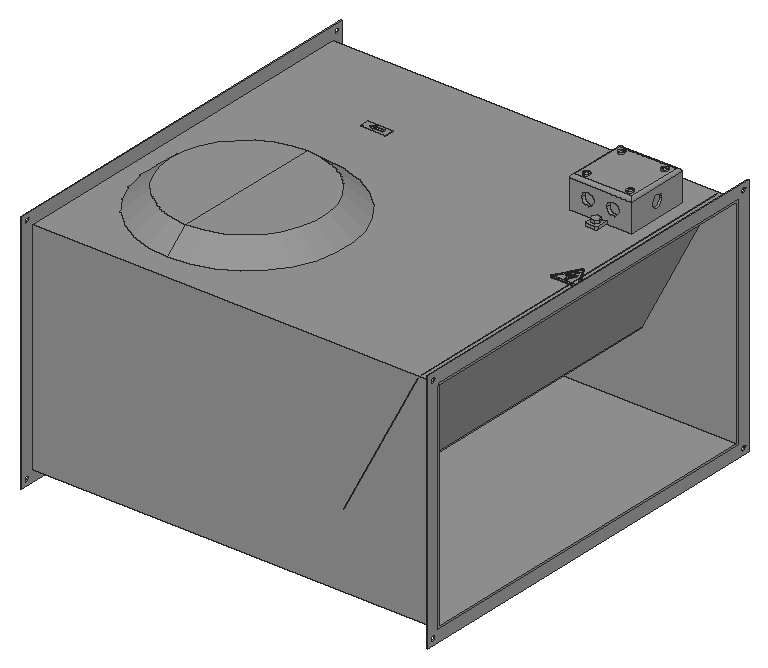
Revit family "ВКП_Eng", category Mechanical Equipment, Revit 2021
Family settings
  Round Connector Dimension = Use Diameter
  Classification = None
  Part Type = Normal
  Work Plane-Based = No
  Always vertical = Yes
  Cut with Voids When Loaded = No
  Shared = No
  Room Calculation Point = No
Parameters (values of type "VKPS 4E 600x350")
  Сonnector = not(Electrical box)  # no
  Width = B  # 600 mm
  Weight = 30.00 kg
  Voltage = 230 V
  Pressure_Static_Air [instance] = 0.0 Pa
  Power = 447 W
  Number of Fase = 1
  Maximum Air Flow = 1130.0 L/s
  Load Classification = "HVAC"
  Length = L  # 652 mm
  L = 652 mm
  Height = if(Electrical box, H + 50 mm, H + 30 mm)  # 400 mm
  H = 350 mm
  Description = "For rectangular ducts"  # constant formula
  Default Elevation = 652 mm
  Frame = Frame : VKPS 4E 600x350
  Electrical box = yes
  Manufacturer = "Vents"  # constant formula
  r3 = H / 15  # 23.333 mm
  r2 = r1 * 0.8  # 140 mm
  r1 = H / 2  # 175 mm
  l3 = L / 2 - 100 mm  # 226 mm
  l1 = L / 2 - 40 mm  # 286 mm
  l = L / 2 - L / 3.5  # 139.714 mm
  h3 = H / 2  # 175 mm
  h2 = H - 2 mm  # 348 mm
  h1 = H / 2.1  # 166.667 mm
  h = H / 3  # 116.667 mm
  b3 = B / 2 - 100 mm  # 200 mm
  b2 = B - 4 mm  # 596 mm
  b1 = B / 2 - 40 mm  # 260 mm
  b = B / 2 - B / 3  # 100 mm
  Maintenance zone material = none
  URL = "https://ventilation-system.com/series/vkp-rectangular"
  Le = if(Electrical box, 50 mm, 25 mm)  # 50 mm
  He = if(Electrical box, H + 25 mm, H)  # 375 mm
  Casing Material = Steel, galvanized
  Be = if(Electrical box, B / 2 + b3, B / 2 - b1)  # 500 mm
  B = 600 mm
  Amperage = 1.97 A
  Alfa = if(Electrical box, 0.00°, 90.00°)  # 0.00°
  Air Flow [instance] = 0.0 L/s
  09_System_Name [instance] = ""
  00_20_Type = "VKPS 4E 600x350"
  00_20_Name = "Inline centrifugal fan"  # constant formula
  00_20_Manufacturer = "Vents"  # constant formula
Types (12, lengths in mm): name | Сonnector | Width | Weight | Voltage | Power | Number of Fase | Maximum Air Flow | Length | L | Height | H | Default Elevation | Frame | Electrical box | r3 | r2 | r1 | l3 | l1 | l | h3 | h2 | h1 | h | b3 | b2 | b1 | b | Le | He | Be | B | Amperage | Alfa | 00_20_Type
  (no name) | no | 600 | 30.00 kg | 230 V | 447 W | 1 | 1130.0 L/s | 652 | 652 | 400 | 350 | 652 | Frame : VKPS 4E 600x350 | yes | 23.333 | 140 | 175 | 226 | 286 | 139.714 | 175 | 348 | 166.667 | 116.667 | 200 | 596 | 260 | 100 | 50 | 375 | 500 | 600 | 1.97 A | 0.00° | "VKPS 4E 600x350"
  VKP 2E 400x200 | yes | 400 | 11.25 kg | 230 V | 138 W | 1 | 258.0 L/s | 500 | 500 | 230 | 200 | 0 | Frame : 400x200 | no | 13.333 | 80 | 100 | 150 | 210 | 107.143 | 100 | 198 | 95.238 | 66.667 | 100 | 396 | 160 | 66.667 | 25 | 200 | 40 | 400 | 0.6 A | 90.00° | "VKP 2E 400x200"
  VKP 4D 800x500 | no | 800 | 54.00 kg | 400 V | 1508 W | 3 | 2170.0 L/s | 903 | 903 | 550 | 500 | 0 | Frame : 800x500 | yes | 33.333 | 200 | 250 | 351.5 | 411.5 | 193.5 | 250 | 498 | 238.095 | 166.667 | 300 | 796 | 360 | 133.333 | 50 | 525 | 700 | 800 | 2.71 A | 0.00° | "VKP 4D 800x500"
  VKP 2E 500x250 | yes | 500 | 17.88 kg | 230 V | 305 W | 1 | 478.0 L/s | 640 | 640 | 280 | 250 | 0 | Frame : 500x250 | no | 16.667 | 100 | 125 | 220 | 280 | 137.143 | 125 | 248 | 119.048 | 83.333 | 150 | 496 | 210 | 83.333 | 25 | 250 | 40 | 500 | 1.32 A | 90.00° | "VKP 2E 500x250"
  VKP 4E 500x300 | yes | 500 | 19.80 kg | 230 V | 140 W | 1 | 470.0 L/s | 680 | 680 | 330 | 300 | 0 | Frame : 500x300 | no | 20 | 120 | 150 | 240 | 300 | 145.714 | 150 | 298 | 142.857 | 100 | 150 | 496 | 210 | 83.333 | 25 | 300 | 40 | 500 | 0.57 A | 90.00° | "VKP 4E 500x300"
  VKP 4D 500x300 | yes | 500 | 19.80 kg | 400 V | 136 W | 3 | 383.0 L/s | 680 | 680 | 330 | 300 | 0 | Frame : 500x300 | no | 20 | 120 | 150 | 240 | 300 | 145.714 | 150 | 298 | 142.857 | 100 | 150 | 496 | 210 | 83.333 | 25 | 300 | 40 | 500 | 0.34 A | 90.00° | "VKP 4D 500x300"
  VKP 4E 600x300 | no | 600 | 27.77 kg | 230 V | 220 W | 1 | 690.0 L/s | 680 | 680 | 350 | 300 | 0 | Frame : 600x300 | yes | 20 | 120 | 150 | 240 | 300 | 145.714 | 150 | 298 | 142.857 | 100 | 200 | 596 | 260 | 100 | 50 | 325 | 500 | 600 | 0.9 A | 0.00° | "VKP 4E 600x300"
  VKP 4D 600x300 | no | 600 | 27.77 kg | 400 V | 230 W | 3 | 700.0 L/s | 680 | 680 | 350 | 300 | 0 | Frame : 600x300 | yes | 20 | 120 | 150 | 240 | 300 | 145.714 | 150 | 298 | 142.857 | 100 | 200 | 596 | 260 | 100 | 50 | 325 | 500 | 600 | 0.52 A | 0.00° | "VKP 4D 600x300"
  VKP 4E 600x350 | no | 600 | 36.38 kg | 230 V | 470 W | 1 | 820.0 L/s | 735 | 735 | 400 | 350 | 0 | Frame : 600x350 | yes | 23.333 | 140 | 175 | 267.5 | 327.5 | 157.5 | 175 | 348 | 166.667 | 116.667 | 200 | 596 | 260 | 100 | 50 | 375 | 500 | 600 | 2.37 A | 0.00° | "VKP 4E 600x350"
  VKP 4D 600x350 | no | 600 | 36.38 kg | 400 V | 380 W | 3 | 740.0 L/s | 735 | 735 | 400 | 350 | 0 | Frame : 600x350 | yes | 23.333 | 140 | 175 | 267.5 | 327.5 | 157.5 | 175 | 348 | 166.667 | 116.667 | 200 | 596 | 260 | 100 | 50 | 375 | 500 | 600 | 0.7 A | 0.00° | "VKP 4D 600x350"
  VKPS 4E 600x350 | no | 600 | 30.00 kg | 230 V | 447 W | 1 | 1130.0 L/s | 652 | 652 | 400 | 350 | 652 | Frame : VKPS 4E 600x350 | yes | 23.333 | 140 | 175 | 226 | 286 | 139.714 | 175 | 348 | 166.667 | 116.667 | 200 | 596 | 260 | 100 | 50 | 375 | 500 | 600 | 1.97 A | 0.00° | "VKPS 4E 600x350"
  VKP 4D 700x400 | no | 700 | 41.00 kg | 400 V | 828 W | 3 | 1550.0 L/s | 753 | 753 | 450 | 400 | 0 | Frame : 700x400 | yes | 26.667 | 160 | 200 | 276.5 | 336.5 | 161.357 | 200 | 398 | 190.476 | 133.333 | 250 | 696 | 310 | 116.667 | 50 | 425 | 600 | 700 | 1.62 A | 0.00° | "VKP 4D 700x400"
Reference planes
  plane 1 "По центру (Вперед/Назад)": y = 0
  plane 2: z = 0
  plane 3 "По центру (Влево/Вправо)": x = 0
  plane 4 "Барабан верт": x = -139.714
  plane 5 "Барабан гор": y = -100
  plane 6 "Присоединитель лево": x = -326
  plane 7 "Присоединитель право": x = 326
  plane 8: y = -300
  plane 9: y = 300
  plane 10 "E": y = 200
  plane 11: z = 375
Forms (mm)
  Extrusion 1, solid, material "Steel, galvanized"
    sketch origin (0, 0, 0) x (1, 0, 0) y (0, 1, 0)
      loop
        line (-294, 298) -> (-294, -298) -> (174, -298) -> (174, 298) -> (-294, 298)
    from 114.667 to 116.667
  Extrusion 2, solid, material "Steel, galvanized"
    sketch origin (0, 0, 0) x (1, 0, 0) y (0, 0, 1)
      loop
        line (169, 116.667) -> (174, 116.667) -> (294, 348) -> (289, 348) -> (169, 116.667)
    from -298 to 298
  Extrusion 3, solid, material "Steel, galvanized"
    sketch origin (0, 0, 0) x (0, 1, 0) y (0, 0, 1)
      loop
        line (298, 114.667) -> (-298, 114.667) -> (-298, 2) -> (298, 2) -> (298, 114.667)
    from -294 to -292
  Revolve 4, solid, material "Steel, galvanized"
    sketch origin (-139.714, 0, 0) x (0, 1, 0) y (0, 0, 1)
      loop
        line (-100, 348) -> (-100, 116.667) -> (63.333, 116.667)
        arc (63.333, 116.667) -> (46.834, 123.501) -> (40, 140) r 23.333
        line (40, 140) -> (40, 165.333) -> (75, 165.333) -> (75, 168.333) -> (40, 168.333) -> (40, 335) -> (75, 335) -> (75, 338) -> (-50, 338) -> (-50, 348) -> (-100, 348)
      axis (-100, 116.667) -> (-100, 348)
    angle from 0 to 360
Lines and regions (mm)
  reference lines
    curve 1: line (226, 200, 375) -> (276, 200, 375)
Dimensions and locks
  "h": Extrusion 1 to level
  locked: Extrusion 1 to Extrusion 1 at 2
  locked: nested 1 to Extrusion 1 sketch curve at 30
  locked: Extrusion 1 sketch curve to nested 1 at 150
  locked: Extrusion 2 sketch curve to nested 1 at 35
  "h": Extrusion 2 to level
  "h2": Extrusion 2 to level
  locked: Extrusion 3 to Extrusion 3 at 2
  locked: Extrusion 2 sketch curve to nested 1 at 150
  locked: Extrusion 2 sketch curve to Extrusion 2 sketch curve at 5
  "l": plane 4 "Барабан верт" to plane 3 "По центру (Влево/Вправо)"
  "b": plane 5 "Барабан гор" to plane 1 "По центру (Вперед/Назад)"
  locked: Revolve 4 sketch curve to Revolve 4 sketch curve at 3  (x2)
  locked: Revolve 4 sketch curve to Revolve 4 sketch curve at 50
  "r1": Revolve 4 sketch curve to Revolve 4 sketch curve
  "r1": Revolve 4 sketch curve to plane 5 "Барабан гор"
  "r2": Revolve 4 sketch curve to plane 5 "Барабан гор"  (x2)
  locked: Revolve 4 sketch curve to Revolve 4 sketch curve at 10
  "l3": plane 3 "По центру (Влево/Вправо)" to nested 2
  "b1": nested 2 to plane 1 "По центру (Вперед/Назад)"
  equal spacing: Extrusion 2, nested 1, Extrusion 2
  "b2": Extrusion 2 to Extrusion 2
  "l3": plane 3 "По центру (Влево/Вправо)" to nested 3
  "b3": plane 1 "По центру (Вперед/Назад)" to nested 3
  "l": nested 5 to plane 3 "По центру (Влево/Вправо)"
  "b1": nested 5 to plane 5 "Барабан гор"
  "l1": plane 3 "По центру (Влево/Вправо)" to nested 4
  "h1": Revolve 4 sketch curve to Revolve 4 sketch curve
  equal spacing: plane 6 "Присоединитель лево", plane 3 "По центру (Влево/Вправо)", plane 7 "Присоединитель право"
  "L": plane 6 "Присоединитель лево" to plane 7 "Присоединитель право"
  level to connector elem = 175 mm
  "h3": level to connector elem  (x2)
  equal spacing: plane 9, plane 1 "По центру (Вперед/Назад)", plane 8
  "B": plane 9 to plane 8
  "Be": plane 10 "E" to plane 8
  "He": plane 11 to level
  "l3": curve 1 to plane 3 "По центру (Влево/Вправо)"
  "Le": curve 1 to curve 1
  "r3": radius of Revolve 4 sketch curve
  "Alfa": angle plane 11 to curve 1
  aligned and locked: level to plane 2
  aligned and locked: Extrusion 1 sketch curve to nested 1
  aligned and locked: nested 1 to Extrusion 1 sketch curve
  aligned and locked: Extrusion 2 sketch curve to Extrusion 1
  aligned and locked: Extrusion 3 sketch curve to Extrusion 1  (x2)
  aligned and locked: Extrusion 3 sketch curve to nested 1
  aligned and locked: nested 1 to Extrusion 3 sketch curve
  aligned and locked: Extrusion 3 to Extrusion 1
  aligned and locked: plane 3 "По центру (Влево/Вправо)" to nested 1
  aligned and locked: plane 1 "По центру (Вперед/Назад)" to nested 1
  aligned and locked: nested 1 to Revolve 4 sketch curve
  aligned and locked: Extrusion 1 to Revolve 4 sketch curve
  aligned and locked: plane 1 "По центру (Вперед/Назад)" to nested 4
  aligned and locked: plane 11 to curve 1
Automatic sketch dimensions
  Extrusion 2 sketch curve to Extrusion 2 sketch curve = 5 mm
  Extrusion 2 sketch curve to Extrusion 2 sketch curve = 231.333 mm
  Revolve 4 sketch curve to plane 5 "Барабан гор" = 0 mm  (x2)
  Revolve 4 sketch curve to Revolve 4 sketch curve = 29.667 mm
  Revolve 4 sketch curve to Revolve 4 sketch curve = 15 mm
Nested families
  nested 1: "Frame" at (0, 0, 0), type <- "Frame", type "VKPS 4E 600x350"
    with l 186.286 mm, b 200 mm, R2 158.343 mm, R1 121.086 mm, L 652 mm, H2 390 mm, H1 370 mm, H 350 mm, B2 640 mm, B1 620 mm, B 600 mm
  nested 2: "Сonnector" at (226, -260, 350), built-in parameter 1001360 <- "H", visible <- "Сonnector", type "30"
  nested 3: "Electrical box" at (226, 200, 350), built-in parameter 1001360 <- "H", visible <- "Electrical box", type "100х100"
  nested 4: "Sticker" at (286, 0, 350), built-in parameter 1001360 <- "H", type "Sticker"
  nested 5: "Arrow" at (-139.714, 160, 350) x (-1, 0, 0) z (0, 0, 1), built-in parameter 1001360 <- "H", type "Arrow"
Connectors
  hvac at (-326, 0, 175), driven by "H", driven by "B"
    settings: index 1, duct flow 0.0 L/s, flow factor 0, pres drop 0.0 Pa, loss coef 0, conn angle 0.00°, conn width 600 mm, conn height 350 mm, conn diameter 609.6 mm, duct sys type 1, conn prof type 1, flow config 0, flow direction 2, loss method 0, conn ref index -1, conn util no, is conn primary yes, conn desc ""
  hvac at (326, 0, 175), driven by "H", driven by "B"
    settings: index 2, duct flow 0.0 L/s, flow factor 0, pres drop 0.0 Pa, loss coef 0, conn angle 0.00°, conn width 600 mm, conn height 350 mm, conn diameter 609.6 mm, duct sys type 1, conn prof type 1, flow config 0, flow direction 1, loss method 0, conn ref index -1, conn util no, is conn primary no, conn desc ""
  electrical at (276, 200, 375), driven by "Voltage"
    settings: on curve 1, index 3, voltage 230 V, apparent load 0 VA, apparent load phase1 0 VA, apparent load phase2 0 VA, apparent load phase3 0 VA, power factor 1, load classification "Мощность", number of poles 1, system type 31, power factor state 1, is connector primary yes, connector utility no, sub classification motor no, connector description ""
Definition of nested family "Frame"
  Parameters (values of type "400x200")
    Default Elevation = 0 mm
    l = L / 3.5  # 142.857 mm
    h = 30 mm
    b = B / 3  # 133.333 mm
    R2 = l - l * 0.15  # 121.429 mm
    R1 = l - l * 0.35  # 92.857 mm
    L = 500 mm
    H2 = 240 mm
    H1 = 220 mm
    H = 200 mm
    B2 = 440 mm
    B1 = 420 mm
    B = 400 mm
  Types (8, lengths in mm): name | l | b | R2 | R1 | L | H2 | H1 | H | B2 | B1 | B
    400x200 | 142.857 | 133.333 | 121.429 | 92.857 | 500 | 240 | 220 | 200 | 440 | 420 | 400
    800x500 | 258 | 266.667 | 219.3 | 167.7 | 903 | 540 | 520 | 500 | 840 | 820 | 800
    500x250 | 182.857 | 166.667 | 155.429 | 118.857 | 640 | 290 | 270 | 250 | 540 | 520 | 500
    500x300 | 194.286 | 166.667 | 165.143 | 126.286 | 680 | 340 | 320 | 300 | 540 | 520 | 500
    600x300 | 194.286 | 200 | 165.143 | 126.286 | 680 | 340 | 320 | 300 | 640 | 620 | 600
    600x350 | 210 | 200 | 178.5 | 136.5 | 735 | 390 | 370 | 350 | 640 | 620 | 600
    700x400 | 215.143 | 233.333 | 182.871 | 139.843 | 753 | 440 | 420 | 400 | 740 | 720 | 700
    ВКПС 4Е 600x350 | 186.286 | 200 | 158.343 | 121.086 | 652 | 390 | 370 | 350 | 640 | 620 | 600
  Reference planes
    plane 1 "По центру (Вперед/Назад)": y = 0
    plane 2: z = 0
    plane 3 "По центру (Влево/Вправо)": x = 0
    plane 4: y = 200
    plane 5: y = -200
    plane 6: x = -250
    plane 7: x = 250
    plane 8: y = 210
    plane 9: y = -210
    plane 10: z = -10
    plane 11: z = 210
    plane 12 "Выступ Верт": x = -107.143
    plane 13 "Выступ гор": y = -66.667
  Forms (mm)
    Extrusion 1, solid
      sketch origin (0, 0, 0) x (1, 0, 0) y (0, 1, 0)
        loop
          line (-250, 200) -> (-250, -200) -> (250, -200) -> (250, 200) -> (-250, 200)
      from 0 to 200 <- "H"
    Extrusion 2, void
      sketch origin (0, 0, 0) x (0, 1, 0) y (0, 0, 1)
        loop
          line (198, 198) -> (-198, 198) -> (-198, 2) -> (198, 2) -> (198, 198)
      from -250 to 250
    Extrusion 3, solid
      sketch origin (0, 0, 0) x (0, 1, 0) y (0, 0, 1)
        loop
          line (220, -20) -> (220, 220) -> (-220, 220) -> (-220, -20) -> (220, -20)
        loop
          line (200, 0) -> (200, 200) -> (-200, 200) -> (-200, 0) -> (200, 0)
        loop
          circle (210, 210) r 4.5
        loop
          circle (-210, 210) r 4.5
        loop
          circle (-210, -10) r 4.5
        loop
          circle (210, -10) r 4.5
      from 250 to 248
    Extrusion 4, solid
      sketch origin (0, 0, 0) x (0, 1, 0) y (0, 0, 1)
        loop
          line (220, -20) -> (220, 220) -> (-220, 220) -> (-220, -20) -> (220, -20)
        loop
          line (200, 0) -> (200, 200) -> (-200, 200) -> (-200, 0) -> (200, 0)
        loop
          circle (210, 210) r 4.5
        loop
          circle (-210, 210) r 4.5
        loop
          circle (-210, -10) r 4.5
        loop
          circle (210, -10) r 4.5
      from -248 to -250
    Revolve 5, solid
      sketch origin (-107.143, 0, 0) x (0, -1, 0) y (0, 0, 1)
        loop
          line (66.667, 230) -> (-26.19, 230) -> (-54.762, 200) -> (66.667, 200) -> (66.667, 230)
        axis (66.667, 200) -> (66.667, 230)
      angle from 0 to 360
  Cuts and joins
    Extrusion 2 cuts Extrusion 1
  Dimensions and locks
    equal spacing: plane 6, plane 3 "По центру (Влево/Вправо)", plane 7
    "L": plane 6 to plane 7
    equal spacing: plane 4, plane 1 "По центру (Вперед/Назад)", plane 5
    "B": plane 4 to plane 5
    locked: Extrusion 1 to Extrusion 2 sketch curve at 2
    locked: Extrusion 2 sketch curve to level at 2
    locked: plane 4 to Extrusion 2 sketch curve at 2
    locked: Extrusion 2 sketch curve to plane 5 at 2
    "H": Extrusion 3 sketch curve to level
    Extrusion 3 sketch curve to Extrusion 3 sketch curve = 20 mm
    "H2": Extrusion 3 sketch curve to Extrusion 3 sketch curve
    equal spacing: Extrusion 3 sketch curve, plane 1 "По центру (Вперед/Назад)", Extrusion 3 sketch curve
    "B2": Extrusion 3 sketch curve to Extrusion 3 sketch curve
    equal spacing: plane 8, plane 1 "По центру (Вперед/Назад)", plane 9
    "B1": plane 8 to plane 9
    level to plane 10 = 10 mm
    "H1": plane 11 to plane 10
    locked: Extrusion 3 to plane 7 at 2
    "H": Extrusion 4 sketch curve to level
    Extrusion 4 sketch curve to cut or joined group of Extrusion 1, Extrusion 2 = 20 mm
    "H2": Extrusion 4 sketch curve to Extrusion 4 sketch curve
    equal spacing: Extrusion 4 sketch curve, plane 1 "По центру (Вперед/Назад)", Extrusion 4 sketch curve
    "B2": Extrusion 4 sketch curve to Extrusion 4 sketch curve
    locked: plane 6 to Extrusion 4 at 2
    "h": Revolve 5 sketch curve to Revolve 5 sketch curve
    "R2": Revolve 5 sketch curve to plane 13 "Выступ гор"
    "R1": Revolve 5 sketch curve to plane 13 "Выступ гор"
    "l": plane 6 to plane 12 "Выступ Верт"
    "b": plane 13 "Выступ гор" to plane 5
    plane 13 "Выступ гор" to plane 1 "По центру (Вперед/Назад)" = 66.667 mm
    plane 12 "Выступ Верт" to plane 3 "По центру (Влево/Вправо)" = 107.143 mm
    aligned and locked: level to plane 2
    aligned and locked: Extrusion 1 sketch curve to plane 4
    aligned and locked: Extrusion 1 sketch curve to plane 6
    aligned and locked: plane 5 to Extrusion 1 sketch curve
    aligned and locked: plane 7 to Extrusion 1 sketch curve
    aligned and locked: plane 6 to Extrusion 2
    aligned and locked: Extrusion 2 to plane 7
    aligned and locked: Extrusion 3 sketch curve to plane 4
    aligned and locked: plane 5 to Extrusion 3 sketch curve
    aligned and locked: level to Extrusion 3 sketch curve
    aligned and locked: plane 7 to Extrusion 3
    aligned and locked: Extrusion 4 sketch curve to plane 4
    aligned and locked: plane 5 to Extrusion 4 sketch curve
    aligned and locked: level to Extrusion 4 sketch curve
    aligned and locked: Extrusion 4 to plane 6
    aligned and locked: plane 13 "Выступ гор" to Revolve 5 sketch curve
    aligned and locked: cut or joined group of Extrusion 1, Extrusion 2 to Revolve 5 sketch curve
  Automatic sketch dimensions
    Extrusion 3 sketch curve to plane 9 = 0 mm  (x2)
    Extrusion 3 sketch curve to plane 8 = 0 mm  (x2)
    Extrusion 3 sketch curve to plane 10 = 0 mm  (x2)
    Extrusion 3 sketch curve to plane 11 = 0 mm  (x2)
    Extrusion 4 sketch curve to plane 9 = 0 mm  (x2)
    Extrusion 4 sketch curve to plane 8 = 0 mm  (x2)
    Extrusion 4 sketch curve to plane 10 = 0 mm  (x2)
    Extrusion 4 sketch curve to plane 11 = 0 mm  (x2)
    Revolve 5 sketch curve to plane 13 "Выступ гор" = 0 mm
    Revolve 5 sketch curve to Revolve 5 sketch curve = 50 mm
    Revolve 5 sketch curve to Revolve 5 sketch curve = 20 mm
    radius of Extrusion 3 sketch curve = 4.5 mm  (x4)
    radius of Extrusion 4 sketch curve = 4.5 mm  (x4)
  Connectors
    hvac at (250, 0, 100)
      settings: on Extrusion 3, index 1, duct flow 0.0 L/s, flow factor 0, pres drop 0.0 Pa, loss coef 0, conn angle 0.00°, conn width 304.8 mm, conn height 304.8 mm, conn diameter 609.6 mm, duct sys type 1, conn prof type 1, flow config 0, flow direction 0, loss method 0, conn ref index -1, conn util no, is conn primary yes, conn desc ""
Definition of nested family "Сonnector"
  Parameters (values of type "30")
    Default Elevation = 0 mm
  Reference planes
    plane 1 "По центру (Вперед/Назад)": y = 0
    plane 2: z = 0
    plane 3 "По центру (Влево/Вправо)": x = 0
  Forms (mm)
    Extrusion 1, solid
      sketch origin (-129.783, 0, -1.583) x (-1, 0, 0) y (0, -1, 0)
        loop
          line (-129.783, -18.872) -> (-113.44, -9.436) -> (-113.44, 9.436) -> (-129.783, 18.872) -> (-146.127, 9.436) -> (-146.127, -9.436) -> (-129.783, -18.872)
      from 1.583 to 6.583
    Extrusion 2, solid
      sketch origin (-129.783, 0, 0) x (-1, 0, 0) y (0, -1, 0)
        loop
          circle (-129.783, 0) r 14
      from 5 to 10
    Extrusion 3, solid
      sketch origin (-129.783, 0, 14.25) x (-1, 0, 0) y (0, -1, 0)
        loop
          line (-129.783, -18.872) -> (-113.44, -9.436) -> (-113.44, 9.436) -> (-129.783, 18.872) -> (-146.127, 9.436) -> (-146.127, -9.436) -> (-129.783, -18.872)
      from -4.25 to 10.75
    Revolve 4, solid
      sketch origin (-129.783, 0, -5.678) x (-1, 0, 0) y (0, 0, -1)
        loop
          line (-115.783, -30.678) -> (-129.783, -30.678) -> (-129.783, -37.239) -> (-118.718, -37.239)
          arc (-118.718, -37.239) -> (-116.643, -36.38) -> (-115.783, -34.305) r 2.935
          line (-115.783, -34.305) -> (-115.783, -30.678)
        axis (-129.783, -37.239) -> (-129.783, -30.678)
      angle from 0 to 360
  Dimensions and locks
    aligned and locked: level to plane 2
    aligned and locked: Extrusion 1 to Extrusion 2
    aligned and locked: Extrusion 1 to level
    aligned and locked: Extrusion 3 to Extrusion 2
Definition of nested family "Electrical box"
  Parameters (values of type "75х75")
    Ш2 = Ш + 20 mm - 12 mm  # 83 mm
    Ш1 = Ш / 2 - 15 mm  # 22.5 mm
    Ш = 75 mm
    Default Elevation = 0 mm
    Д1 = Д / 2 - 15 mm  # 22.5 mm
    Д = 75 mm
    h = H / 2  # 25 mm
    H = 50 mm
  Types (3, lengths in mm): name | Ш2 | Ш1 | Ш | Д1 | Д
    100х100 | 108 | 35 | 100 | 35 | 100
    200Х200 | 208 | 85 | 200 | 85 | 200
    75х75 | 83 | 22.5 | 75 | 22.5 | 75
  Reference planes
    plane 1 "По центру (Вперед/Назад)": y = 0
    plane 2: z = 0
    plane 3 "По центру (Влево/Вправо)": x = 0
  Forms (mm)
    Extrusion 1, solid
      sketch origin (0, 0, 0) x (1, 0, 0) y (0, 1, 0)
        loop
          line (-37.5, 37.5) -> (-37.5, -37.5) -> (37.5, -37.5) -> (37.5, 37.5) -> (-37.5, 37.5)
      from 0 to 50 <- "H"
    Sweep 2, void
      path in 3D
        loop
          line (-37.5, 37.5, 50) -> (-37.5, -37.5, 50) -> (37.5, -37.5, 50) -> (37.5, 37.5, 50) -> (-37.5, 37.5, 50)
      profile origin (0, 37.5, 50) x (0, -1, 0) y (0, 0, 1)
        loop
          line (5, 0) -> (0, 0) -> (0, -5)
          arc (0, -5) -> (1.464, -1.464) -> (5, 0) r 5
    Extrusion 3, solid
      sketch origin (0, 0, 0) x (1, 0, 0) y (0, 1, 0)
        loop
          line (10, 37.5) -> (10, 54.859)
          arc (10, 54.859) -> (9.227, 56.727) -> (7.359, 57.5) r 2.641
          line (7.359, 57.5) -> (-7.359, 57.5)
          arc (-7.359, 57.5) -> (-9.227, 56.727) -> (-10, 54.859) r 2.641
          line (-10, 54.859) -> (-10, 37.5) -> (10, 37.5)
        loop
          circle (0, 47.5) r 4
        loop
          line (10, -37.5) -> (-10, -37.5) -> (-10, -54.859)
          arc (-10, -54.859) -> (-9.227, -56.727) -> (-7.359, -57.5) r 2.641
          line (-7.359, -57.5) -> (7.359, -57.5)
          arc (7.359, -57.5) -> (9.227, -56.727) -> (10, -54.859) r 2.641
          line (10, -54.859) -> (10, -37.5)
        loop
          circle (0, -47.5) r 4
      from 0 to 4
    Extrusion 4, void
      sketch origin (0, 0, 0) x (0, 1, 0) y (0, 0, 1)
        loop
          circle (0, 25) r 10
      from -37.5 to -32.5
    Extrusion 5, void
      sketch origin (0, 0, 0) x (0, 1, 0) y (0, 0, 1)
        loop
          circle (0, 25) r 10
      from 32.5 to 37.5
    Extrusion 6, void
      sketch origin (0, 0, 0) x (1, 0, 0) y (0, 0, 1)
        loop
          circle (20, 25) r 10
        loop
          circle (-20, 25) r 10
      from 32.5 to 37.5
    Extrusion 7, void
      sketch origin (0, 0, 0) x (1, 0, 0) y (0, 0, 1)
        loop
          circle (20, 25) r 10
        loop
          circle (-20, 25) r 10
      from -37.5 to -32.5
    Extrusion 8, solid
      sketch origin (0, 0, 0) x (1, 0, 0) y (0, 1, 0)
        loop
          line (3.462, 41.5) -> (6.924, 47.496) -> (3.462, 53.492) -> (-3.462, 53.492) -> (-6.924, 47.496) -> (-3.462, 41.5) -> (3.462, 41.5)
        loop
          line (3.462, -41.5) -> (-3.462, -41.5) -> (-6.924, -47.496) -> (-3.462, -53.492) -> (3.462, -53.492) -> (6.924, -47.496) -> (3.462, -41.5)
      from 5 to 10
  Cuts and joins
    Sweep 2, Extrusion 4, Extrusion 5, Extrusion 6, Extrusion 7 cuts Extrusion 1
  Lines and regions (mm)
    sketch lines
      curve 1: line (37.5, 37.5, 50) -> (-37.5, 37.5, 50)
      curve 2: line (37.5, -37.5, 50) -> (37.5, 37.5, 50)
      curve 3: line (-37.5, -37.5, 50) -> (37.5, -37.5, 50)
      curve 4: line (-37.5, 37.5, 50) -> (-37.5, -37.5, 50)
  Dimensions and locks
    "Д": Extrusion 1 sketch curve to Extrusion 1 sketch curve
    "Ш": Extrusion 1 sketch curve to Extrusion 1 sketch curve
    equal spacing: Extrusion 1 sketch curve, plane 3 "По центру (Влево/Вправо)", Extrusion 1 sketch curve
    equal spacing: Extrusion 1 sketch curve, plane 1 "По центру (Вперед/Назад)", Extrusion 1 sketch curve
    "Д1": nested 2 to plane 3 "По центру (Влево/Вправо)"
    "Д1": plane 3 "По центру (Влево/Вправо)" to nested 1
    "Д1": nested 4 to plane 3 "По центру (Влево/Вправо)"
    "Д1": plane 3 "По центру (Влево/Вправо)" to nested 3
    "Ш1": nested 3 to plane 1 "По центру (Вперед/Назад)"
    "Ш1": plane 1 "По центру (Вперед/Назад)" to nested 1
    "Ш1": nested 4 to plane 1 "По центру (Вперед/Назад)"
    "Ш1": plane 1 "По центру (Вперед/Назад)" to nested 2
    Extrusion 3 sketch curve to Extrusion 3 sketch curve = 20 mm  (x3)
    equal spacing: Extrusion 3 sketch curve, plane 1 "По центру (Вперед/Назад)", Extrusion 3 sketch curve
    "Ш": Extrusion 3 sketch curve to Extrusion 3 sketch curve
    "h": Extrusion 4 sketch curve to level
    "h": Extrusion 5 sketch curve to level
    "h": level to Extrusion 6 sketch curve  (x2)
    plane 3 "По центру (Влево/Вправо)" to Extrusion 6 sketch curve = 20 mm
    Extrusion 6 sketch curve to plane 3 "По центру (Влево/Вправо)" = 20 mm
    "h": level to Extrusion 7 sketch curve  (x2)
    Extrusion 7 sketch curve to plane 3 "По центру (Влево/Вправо)" = 20 mm
    plane 3 "По центру (Влево/Вправо)" to Extrusion 7 sketch curve = 20 mm
    locked: Extrusion 8 sketch curve to Extrusion 8 sketch curve at 11.992  (x2)
    equal spacing: Extrusion 8, plane 1 "По центру (Вперед/Назад)", Extrusion 8
    "Ш2": Extrusion 8 to Extrusion 8
    locked: Extrusion 3 sketch curve to cut or joined group of Extrusion 1, Sweep 2, Extrusion 4, Extrusion 5, Extrusion 6, Extrusion 7 at 10  (x2)
    radius of Extrusion 7 sketch curve = 10 mm
    aligned and locked: level to plane 2
    aligned and locked: Extrusion 1 to Extrusion 4
    aligned and locked: Sweep 2 to Extrusion 4
    aligned and locked: Extrusion 1 to Extrusion 5
    aligned and locked: Sweep 2 to Extrusion 5
    aligned and locked: Extrusion 1 to Extrusion 6
    aligned and locked: Sweep 2 to Extrusion 6
    aligned and locked: Extrusion 1 to Extrusion 7
    aligned and locked: Extrusion 7 to Sweep 2
  Automatic sketch dimensions
    Sweep 2 sketch curve to profile plane = 0 mm  (x2)
    Sweep 2 sketch curve to profile plane = 5 mm
    Extrusion 8 sketch curve to plane 3 "По центру (Влево/Вправо)" = 6.924 mm  (x2)
    Extrusion 8 sketch curve to plane 3 "По центру (Влево/Вправо)" = 3.462 mm  (x4)
    plane 3 "По центру (Влево/Вправо)" to Extrusion 8 sketch curve = 3.462 mm  (x4)
    Extrusion 8 sketch curve to Extrusion 8 sketch curve = 3.462 mm
    plane 3 "По центру (Влево/Вправо)" to Extrusion 8 sketch curve = 6.924 mm
    plane 1 "По центру (Вперед/Назад)" to Extrusion 8 sketch curve = 53.492 mm
    Extrusion 8 sketch curve to Extrusion 8 sketch curve = 5.996 mm  (x4)
    Extrusion 8 sketch curve to plane 1 "По центру (Вперед/Назад)" = 41.5 mm
    Extrusion 3 sketch curve to plane 3 "По центру (Влево/Вправо)" = 0 mm  (x2)
    Extrusion 3 sketch curve to plane 3 "По центру (Влево/Вправо)" = 7.359 mm  (x2)
    Extrusion 3 sketch curve to plane 3 "По центру (Влево/Вправо)" = 10 mm  (x2)
    plane 3 "По центру (Влево/Вправо)" to Extrusion 3 sketch curve = 7.359 mm
    Extrusion 3 sketch curve to Extrusion 3 sketch curve = 2.641 mm  (x2)
    Extrusion 4 sketch curve to plane 1 "По центру (Вперед/Назад)" = 0 mm
    Extrusion 5 sketch curve to plane 1 "По центру (Вперед/Назад)" = 0 mm
    radius of Extrusion 3 sketch curve = 4 mm  (x2)
    radius of Extrusion 4 sketch curve = 10 mm
    radius of Extrusion 5 sketch curve = 10 mm
    radius of Extrusion 6 sketch curve = 10 mm  (x2)
    radius of Extrusion 7 sketch curve = 10 mm
  Nested families
    nested 1: "Винт" at (22.5, 22.5, 50), built-in parameter 1001364 <- "H", type "Винт"
    nested 2: "Винт" at (-22.5, 22.5, 50), built-in parameter 1001364 <- "H", type "Винт"
    nested 3: "Винт" at (22.5, -22.5, 50), built-in parameter 1001364 <- "H", type "Винт"
    nested 4: "Винт" at (-22.5, -22.5, 50), built-in parameter 1001364 <- "H", type "Винт"
  Definition of nested family "Винт"
    Parameters (values of type "Винт")
      Default Elevation = 0 mm
    Reference planes
      plane 1 "По центру (Вперед/Назад)": y = 0
      plane 2: z = 0
      plane 3 "По центру (Влево/Вправо)": x = 0
    Forms (mm)
      Revolve 1, solid
        sketch origin (0, 0, 0) x (1, 0, 0) y (0, 0, 1)
          loop
            line (0, -20) -> (2.5, -20) -> (2.5, 0) -> (5, 0) -> (5, 0.988)
            arc (5, 0.988) -> (2.589, 1.966) -> (0, 2.235) r 9.254
            line (0, 2.235) -> (0, -20)
          axis (0, 2.235) -> (0, -20)
        angle from 0 to 360
      Extrusion 2, void
        sketch origin (0, -0.137, 0) x (1, 0, 0) y (0, 1, 0)
          loop
            line (-0.439, -5.142) -> (0.455, -5.142) -> (0.455, -0.343) -> (5.265, -0.343) -> (5.265, 0.594) -> (0.455, 0.594) -> (0.455, 5.38) -> (-0.439, 5.38) -> (-0.439, 0.594) -> (-5.291, 0.594) -> (-5.291, -0.343) -> (-0.439, -0.343) -> (-0.439, -5.142)
        from 0.988 to 3.071
    Cuts and joins
      Extrusion 2 cuts Revolve 1
    Dimensions and locks
      aligned and locked: level to plane 2
      aligned and locked: Extrusion 2 to Revolve 1
Definition of nested family "Sticker"
  Parameters (values of type "Электрика")
    Default Elevation = 0 mm
  Reference planes
    plane 1 "По центру (Вперед/Назад)": y = 0
    plane 2: z = 0
    plane 3 "По центру (Влево/Вправо)": x = 0
  Forms (mm)
    Extrusion 1, solid
      sketch origin (0, 0, 0) x (1, 0, 0) y (0, 1, 0)
        loop
          line (0, 0.664) -> (18.543, 0.664)
          arc (18.543, 0.664) -> (21.349, 1.985) -> (22.119, 4.99) r 3.641
          line (22.119, 4.99) -> (2.806, 38.44)
          arc (2.806, 38.44) -> (0, 39.762) -> (-2.806, 38.44) r 3.641
          line (-2.806, 38.44) -> (-22.119, 4.99)
          arc (-22.119, 4.99) -> (-21.349, 1.985) -> (-18.543, 0.664) r 3.641
          line (-18.543, 0.664) -> (0, 0.664)
        loop
          arc (-20.055, 4.565) -> (-19.717, 3.245) -> (-18.484, 2.664) r 1.6
          line (-18.484, 2.664) -> (18.396, 2.664)
          arc (18.396, 2.664) -> (19.729, 3.379) -> (19.87, 4.885) r 1.6
          line (19.87, 4.885) -> (1.2, 37.223)
          arc (1.2, 37.223) -> (0.104, 37.807) -> (-1.079, 37.432) r 1.6
          line (-1.079, 37.432) -> (-20.055, 4.565)
      from 0 to 1
    Extrusion 2, solid
      sketch origin (0, 0, 0) x (1, 0, 0) y (0, 1, 0)
        loop
          line (1.519, 30.846) -> (-2.718, 30.846) -> (-7.387, 14.53) -> (2.226, 19.012) -> (-1.819, 8.947) -> (-2.667, 9.352) -> (-2.823, 5.949) -> (-0.273, 8.208) -> (-1.096, 8.601) -> (5.366, 22.132) -> (-4.385, 17.585) -> (1.519, 30.846)
      from 0 to 1
    Extrusion 3, solid
      sketch origin (0, 0, 0) x (1, 0, 0) y (0, 1, 0)
        loop
          line (-1.079, 37.432) -> (-20.055, 4.565)
          arc (-20.055, 4.565) -> (-19.717, 3.245) -> (-18.484, 2.664) r 1.6
          line (-18.484, 2.664) -> (18.396, 2.664)
          arc (18.396, 2.664) -> (19.781, 3.464) -> (19.781, 5.064) r 1.6
          line (19.781, 5.064) -> (1.296, 37.092)
          arc (1.296, 37.092) -> (0.185, 37.798) -> (-1.079, 37.432) r 1.6
      from 0 to 0.9
  Dimensions and locks
    aligned and locked: level to plane 2
Definition of nested family "Arrow"
  Parameters (values of type "Cтрелка")
    Default Elevation = 0 mm
  Reference planes
    plane 1 "По центру (Вперед/Назад)": y = 0
    plane 2: z = 0
    plane 3 "По центру (Влево/Вправо)": x = 0
  Forms (mm)
    Extrusion 1, solid
      sketch origin (0, 0, 0) x (1, 0, 0) y (0, 1, 0)
        loop
          line (-20, -7.5) -> (20, -7.5) -> (20, 7.5) -> (-20, 7.5) -> (-20, -7.5)
        loop
          line (-10.967, 0) -> (-10.967, -2.486) -> (3.357, -2.486) -> (3.357, -4.529) -> (11.203, 0) -> (3.357, 4.529) -> (3.357, 2.486) -> (-10.967, 2.486) -> (-10.967, 0)
      from 0 to 1
    Extrusion 2, solid
      sketch origin (0, 0, 0) x (1, 0, 0) y (0, 1, 0)
        loop
          line (-10.967, 2.486) -> (-10.967, -2.486) -> (3.357, -2.486) -> (3.357, -4.529) -> (11.203, 0) -> (3.357, 4.529) -> (3.357, 2.486) -> (-10.967, 2.486)
      from 0 to 1
  Dimensions and locks
    aligned and locked: level to plane 2
